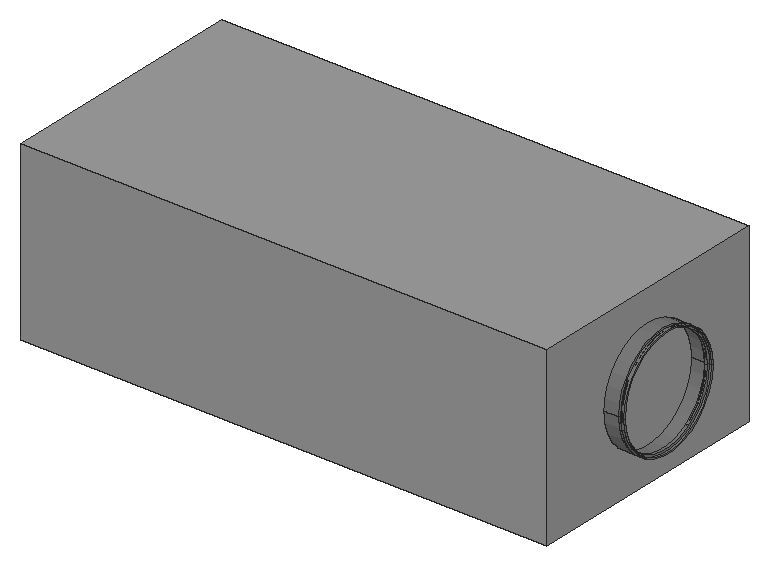
Revit family "BIMLIB_ПриточнаяУстановка_CAU-VIM-W2000-3000_SHUFT", category Оборудование, Revit 2017
Family settings
  Размер круглого соединителя = Использовать диаметр
  Тип детали = Нормальный
  На основе рабочей плоскости = Нет
  Всегда вертикально = Да
  При загрузке вырезать с полостями = Нет
  Общий = Нет
  Точка расчета площади = Нет
Parameters (values of type "CAU 3000/3-W VIM")
  Повернуть УГО [instance] = yes
  Описание = "Вентиляционные установки серии CAU-W VIM предназначены для работы в помещениях малых и средних объемов: офисах, магазинах, квартирах и т. п.\r\nУстановки изготавливаются в компактном звуко- и теплоизолированном корпусе из оцинкованной стали (толщина изоляции 40 или 50 мм).\r\nУстановки серии CAU-W VIM можно устанавливать непосредственно в обслуживаемом помещении за подвесным потолком"  # constant formula
  Общая длина = ADSK_Размер_Длина + 2 * (Длина коннекторов)  # 1620 mm
  Изготовитель = "ООО «Завод ВКО» марка SHUFT"  # constant formula
  Длина коннекторов = 60 mm
  Watermark [instance] = "Модели защищены уникальным кодом"
  H = 256 mm
  URL = "http://www.shuft.ru/"
  D = 315 mm
  BL_Разработано = "support@bimlib.pro"  # constant formula
  BL_Email = "bimmodels@rusklimat.ru"  # constant formula
  BL_BIM library = "https://bimlib.pro/manufacturer/company/23829"
  ADSK_Ток = 2.6 A
  ADSK_Расход воздуха приточный [instance] = 0.0 L/s
  ADSK_Размер_Ширина = 720 mm
  ADSK_Размер_Длина = 1500 mm
  ADSK_Размер_Высота = 500 mm
  ADSK_Примечание [instance] = ""
  ADSK_Полная мощность = ADSK_Номинальная мощность / ADSK_Коэффициент мощности  # 1500 VA
  ADSK_Позиция = ""
  ADSK_Обозначение = ""
  ADSK_Номинальная мощность = 1500 W
  ADSK_Напряжение = 400 V
  ADSK_Наименование = "Приточная вентиляционная установка CAU 3000/3-W VIM"
  ADSK_Материал = BIMLIB_Сталь_SHUFT
  ADSK_Масса_Текст = "98"
  ADSK_Масса = 98
  ADSK_Марка = ADSK_Код изделия  # "CAU 3000/3-W VIM"
  ADSK_Коэффициент мощности = 1
  ADSK_Количество фаз = 3
  ADSK_Код изделия = "CAU 3000/3-W VIM"
  ADSK_Классификация нагрузок = Прочее
  ADSK_Завод-изготовитель = Изготовитель  # "ООО «Завод ВКО» марка SHUFT"
  ADSK_Единица измерения = "шт."  # constant formula
  ADSK_Версия семейства = "v.1"  # constant formula
  ADSK_Версия Revit = "2017"  # constant formula
  ADSK_URL страницы изделия = "http://www.shuft.ru/catalog/2/205/3032/4047/"
  ADSK_URL документации изделия = "http://www.shuft.ru/upload/downloads/CAU_w_2000-3000-VIM.pdf"
Types (5, lengths in mm): name | Общая длина | H | D | ADSK_Ток | ADSK_Размер_Ширина | ADSK_Размер_Длина | ADSK_Размер_Высота | ADSK_Полная мощность | ADSK_Номинальная мощность | ADSK_Напряжение | ADSK_Наименование | ADSK_Масса_Текст | ADSK_Масса | ADSK_Марка | ADSK_Количество фаз | ADSK_Код изделия
  (no name) | 1620 | 256 | 315 | 2.6 A | 720 | 1500 | 500 | 1500 VA | 1500 W | 400 V | "Приточная вентиляционная установка CAU 3000/3-W VIM" | "98" | 98 | "CAU 3000/3-W VIM" | 3 | "CAU 3000/3-W VIM"
  CAU 2000/1-W VIM | 1520 | 198 | 250 | 3 A | 625 | 1400 | 400 | 690 VA | 690 W | 230 V | "Приточная вентиляционная установка CAU 2000/1-W VIM" | "75" | 75 | "CAU 2000/1-W VIM" | 1 | "CAU 2000/1-W VIM"
  CAU 2000/3-W VIM | 1520 | 198 | 250 | 1.9 A | 625 | 1400 | 400 | 930 VA | 930 W | 400 V | "Приточная вентиляционная установка CAU 2000/3-W VIM" | "75" | 75 | "CAU 2000/3-W VIM" | 3 | "CAU 2000/3-W VIM"
  CAU 3000/1-W VIM | 1620 | 256 | 315 | 5.1 A | 720 | 1500 | 500 | 1150 VA | 1150 W | 230 V | "Приточная вентиляционная установка CAU 3000/1-W VIM" | "98" | 98 | "CAU 3000/1-W VIM" | 1 | "CAU 3000/1-W VIM"
  CAU 3000/3-W VIM | 1620 | 256 | 315 | 2.6 A | 720 | 1500 | 500 | 1500 VA | 1500 W | 400 V | "Приточная вентиляционная установка CAU 3000/3-W VIM" | "98" | 98 | "CAU 3000/3-W VIM" | 3 | "CAU 3000/3-W VIM"
Reference planes
  plane 1 "По центру (Вперед/Назад)": y = 0
  plane 2: z = 0
  plane 3 "По центру (Влево/Вправо)": x = 0
  plane 4: x = 815
  plane 5: x = -815
  plane 6 "Перед": y = -360
  plane 7 "Зад": y = 360
  plane 8: z = 500
  plane 9 "Лево корпус": x = -750
  plane 10 "Право корпус": x = 750
  plane 11 "коннекторы": z = 256
  plane 12: z = 475
Forms (mm)
  Extrusion 1, solid, material "BIMLIB_Сталь_SHUFT" <- "ADSK_Материал", detail levels medium+fine
    sketch origin (0, 0, 0) x (1, 0, 0) y (0, 1, 0)
      loop
        line (-750, 360) -> (-750, -360) -> (750, -360) -> (750, 360) -> (-750, 360)
    from 0 to 500 <- "ADSK_Размер_Высота"
Lines and regions (mm)
  model lines, detail levels fine
    curve 1: line (-750, 360, 475) -> (750, 360, 475)
    curve 2: line (-750, -360, 475) -> (750, -360, 475)
    curve 3: line (-750, -360, 475) -> (-750, 360, 475)
    curve 4: line (750, -360, 475) -> (750, 360, 475)
Dimensions and locks
  equal spacing: plane 6 "Перед", plane 1 "По центру (Вперед/Назад)", plane 7 "Зад"
  equal spacing: plane 5, plane 3 "По центру (Влево/Вправо)", plane 4
  "ADSK_Размер_Высота": plane 8 to level
  "ADSK_Размер_Ширина": plane 6 "Перед" to plane 7 "Зад"
  locked: plane 5 to plane 9 "Лево корпус" at 65
  locked: plane 10 "Право корпус" to plane 4 at 65
  "H": plane 11 "коннекторы" to level
  locked: plane 8 to plane 12 at 25
  "ADSK_Размер_Длина": plane 9 "Лево корпус" to plane 10 "Право корпус"
  aligned and locked: level to plane 2
  aligned and locked: Extrusion 1 sketch curve to plane 9 "Лево корпус"
  aligned and locked: Extrusion 1 sketch curve to plane 7 "Зад"
  aligned and locked: Extrusion 1 sketch curve to plane 10 "Право корпус"
  aligned and locked: Extrusion 1 sketch curve to plane 6 "Перед"
  aligned and locked: plane 1 "По центру (Вперед/Назад)" to nested 1
  aligned and locked: plane 3 "По центру (Влево/Вправо)" to nested 1
  aligned and locked: nested 3 to plane 1 "По центру (Вперед/Назад)"
  aligned and locked: plane 1 "По центру (Вперед/Назад)" to nested 2
  aligned and locked: plane 9 "Лево корпус" to nested 3
  aligned and locked: plane 10 "Право корпус" to nested 2
Automatic sketch dimensions
  curve 1 to plane 9 "Лево корпус" = 0 mm
  plane 10 "Право корпус" to curve 1 = 0 mm
  curve 1 to plane 12 = 0 mm
  plane 10 "Право корпус" to curve 2 = 0 mm
  curve 2 to plane 9 "Лево корпус" = 0 mm
  curve 2 to plane 12 = 0 mm
  curve 3 to plane 6 "Перед" = 0 mm
  curve 3 to plane 7 "Зад" = 0 mm
  curve 3 to plane 12 = 0 mm
  curve 4 to plane 6 "Перед" = 0 mm
  curve 4 to plane 7 "Зад" = 0 mm
  curve 4 to plane 12 = 0 mm
Nested families
  nested 1: "BIMLIB_УГО_SHUFT" at (0, 0, 0), Высота УГО 3д План <- "H", Высота <- "ADSK_Размер_Высота", Длина <- "Общая длина", Ширина <- "ADSK_Размер_Ширина", УГО сверху <- "Повернуть УГО", type "BIMLIB_УГО_SHUFT", detail levels coarse
    with Ширина/4 180 mm, Ширина 720 mm, УГО спереди no, УГО сверху yes, Длина 1620 mm, Высота/4 125 mm, Высота УГО 3д План 256 mm, Высота 500 mm
  nested 2: "BIMLIB_Подключение_Круглое_SHUFT" at (750, 0, 256), D <- "D", L <- "Длина коннекторов", type "BIMLIB_Подключение_Круглое_SHUFT"
    with Материал BIMLIB_Сталь_Патрубки_SHUFT, L 60 mm, D 315 mm
  nested 3: "BIMLIB_Подключение_Круглое_SHUFT" at (-750, 0, 256) x (-1, 0, 0) z (0, 0, 1), D <- "D", L <- "Длина коннекторов", type "BIMLIB_Подключение_Круглое_SHUFT"
    with Материал BIMLIB_Сталь_Патрубки_SHUFT, L 60 mm, D 315 mm
Connectors
  electrical at (0, 0, 500), driven by "ADSK_Количество фаз", driven by "ADSK_Классификация нагрузок", driven by "ADSK_Напряжение", driven by "ADSK_Полная мощность", driven by "ADSK_Коэффициент мощности"
    settings: on Extrusion 1, index 3, voltage 400 V, apparent load 1500 VA, apparent load phase1 0 VA, apparent load phase2 0 VA, apparent load phase3 0 VA, power factor 1, load classification "Прочее", number of poles 3, system type 30, power factor state 1, is connector primary yes, connector utility no, sub classification motor no, connector description "Электрический соединитель"
  hvac at (-810, 0, 256), driven by "D", driven by "ADSK_Расход воздуха приточный"
    settings: on nested 3, index 7, duct flow 0.0 L/s, flow factor 0, pres drop 0.0 Pa, loss coef 0, conn angle 0.00°, conn width 304.8 mm, conn height 304.8 mm, conn diameter 315 mm, duct sys type 1, conn prof type 0, flow config 0, flow direction 1, loss method 0, conn ref index 8, conn util no, is conn primary yes, conn desc "Наружный воздух"
  hvac at (810, 0, 256), driven by "D", driven by "ADSK_Расход воздуха приточный"
    settings: on nested 2, index 8, duct flow 0.0 L/s, flow factor 0, pres drop 0.0 Pa, loss coef 0, conn angle 0.00°, conn width 304.8 mm, conn height 304.8 mm, conn diameter 315 mm, duct sys type 1, conn prof type 0, flow config 0, flow direction 2, loss method 0, conn ref index 7, conn util no, is conn primary no, conn desc "Приточный воздух"
Definition of nested family "BIMLIB_Подключение_Круглое_SHUFT"
  Parameters (values of type "BIMLIB_Подключение_Круглое_SHUFT")
    Default Elevation = 1219.2 mm
    Материал [instance] = none
    L [instance] = 30 mm
    D [instance] = 300 mm
  Reference planes
    plane 1 "По центру (Вперед/Назад)": y = 0
    plane 2: z = 0
    plane 3 "По центру (Влево/Вправо)": x = 0
    plane 4: y = 150
    plane 5: y = -150
    plane 6: x = 30
  Forms (mm)
    Revolve 1, solid, material <- "Материал", detail levels medium+fine
      sketch origin (0, 0, 0) x (1, 0, 0) y (0, 1, 0)
        loop
          line (30, 148) -> (30, 150) -> (20, 150) -> (20, 145) -> (15, 145) -> (15, 150) -> (0, 150) -> (0, 148) -> (13, 148) -> (13, 143) -> (22, 143) -> (22, 148) -> (30, 148)
        axis (30, 0) -> (0, 0)
      angle from 0 to 360
  Dimensions and locks
    equal spacing: plane 4, plane 1 "По центру (Вперед/Назад)", plane 5
    "D": plane 4 to plane 5
    "L": plane 3 "По центру (Влево/Вправо)" to plane 6
    aligned and locked: level to plane 2
    aligned and locked: Revolve 1 sketch curve to plane 1 "По центру (Вперед/Назад)"
    aligned and locked: plane 6 to Revolve 1 sketch curve
    aligned and locked: plane 4 to Revolve 1 sketch curve  (x2)
    aligned and locked: Revolve 1 sketch curve to plane 3 "По центру (Влево/Вправо)"
  Automatic sketch dimensions
    Revolve 1 sketch curve to Revolve 1 sketch curve = 2 mm  (x5)
    Revolve 1 sketch curve to Revolve 1 sketch curve = 5 mm
    Revolve 1 sketch curve to Revolve 1 sketch curve = 8 mm
    Revolve 1 sketch curve to Revolve 1 sketch curve = 3 mm
    Revolve 1 sketch curve to plane 3 "По центру (Влево/Вправо)" = 2000 mm
    plane 6 to Revolve 1 sketch curve = 1535.044 mm
Definition of nested family "BIMLIB_УГО_SHUFT"
  Parameters (values of type "BIMLIB_УГО_SHUFT")
    Ширина/4 [instance] = Ширина / 4  # 105 mm
    Ширина [instance] = 420 mm
    УГО спереди [instance] = not(УГО сверху)  # no
    УГО сверху [instance] = yes
    Высота/4 [instance] = Высота / 4  # 63 mm
    Длина [instance] = 810 mm
    Высота УГО 3д План [instance] = 126 mm
    Высота [instance] = 252 mm
  Reference planes
    plane 1 "По центру (Вперед/Назад)": y = 0
    plane 2: z = 0
    plane 3 "По центру (Влево/Вправо)": x = 0
    plane 4: x = -405
    plane 5: x = 405
    plane 6: y = 210
    plane 7: y = -210
    plane 8: z = 126
    plane 9 "УГО 3Д": z = 252
    plane 10: x = -270
    plane 11: x = -135
    plane 12: z = 189
    plane 13: z = 63
    plane 14: x = 63
    plane 15: x = 105
    plane 16: y = 105
    plane 17: y = -105
    plane 18 "УГО": z = 126
  Lines and regions (mm)
    model lines, visible <- "УГО спереди", detail levels coarse
      curve 1: line (-405, 0, 252) -> (-405, 0, 0)
      curve 2: line (-405, 0, 0) -> (405, 0, 0)
      curve 3: line (405, 0, 0) -> (405, 0, 252)
      curve 4: line (405, 0, 252) -> (-405, 0, 252)
      curve 5: line (-270, 0, 252) -> (-270, 0, 0)
      curve 6: line (-135, 0, 252) -> (-135, 0, 0)
      curve 7: line (0, 0, 189) -> (0, 0, 63)
      curve 8: line (0, 0, 63) -> (63, 0, 126)
      curve 9: line (63, 0, 126) -> (0, 0, 189)
    model lines, visible <- "УГО сверху", detail levels coarse
      curve 10: line (-405, 210, 126) -> (-405, -210, 126)
      curve 11: line (-405, -210, 126) -> (405, -210, 126)
      curve 12: line (405, -210, 126) -> (405, 210, 126)
      curve 13: line (405, 210, 126) -> (-405, 210, 126)
      curve 14: line (-270, 210, 126) -> (-270, -210, 126)
      curve 15: line (-135, 210, 126) -> (-135, -210, 126)
      curve 16: line (0, 105, 126) -> (105, 0, 126)
      curve 17: line (105, 0, 126) -> (0, -105, 126)
      curve 18: line (0, -105, 126) -> (0, 105, 126)
    symbolic lines, detail levels coarse
      curve 19: line (-405, 0, 252) -> (-405, 0, 0)
      curve 20: line (-405, 0, 0) -> (405, 0, 0)
      curve 21: line (405, 0, 0) -> (405, 0, 252)
      curve 22: line (405, 0, 252) -> (-405, 0, 252)
      curve 23: line (-270, 0, 252) -> (-270, 0, 0)
      curve 24: line (-135, 0, 0) -> (-135, 0, 252)
      curve 25: line (0, 0, 189) -> (63, 0, 126)
      curve 26: line (63, 0, 126) -> (0, 0, 63)
      curve 27: line (0, 0, 63) -> (0, 0, 189)
      curve 28: line (-405, 210, 0) -> (-405, -210, 0)
      curve 29: line (-405, -210, 0) -> (405, -210, 0)
      curve 30: line (405, -210, 0) -> (405, 210, 0)
      curve 31: line (405, 210, 0) -> (-405, 210, 0)
      curve 32: line (-270, 210, 0) -> (-270, -210, 0)
      curve 33: line (-135, -210, 0) -> (-135, 210, 0)
      curve 34: line (0, 105, 0) -> (105, 0, 0)
      curve 35: line (105, 0, 0) -> (0, -105, 0)
      curve 36: line (0, -105, 0) -> (0, 105, 0)
  Dimensions and locks
    equal spacing: plane 4, plane 3 "По центру (Влево/Вправо)", plane 5
    "Длина": plane 4 to plane 5
    "Ширина": plane 7 to plane 6
    equal spacing: plane 4, plane 10, plane 11, plane 3 "По центру (Влево/Вправо)"
    "Высота": plane 9 "УГО 3Д" to level
    equal spacing: plane 9 "УГО 3Д", plane 12, plane 8, plane 13, level
    "Высота/4": plane 14 to plane 3 "По центру (Влево/Вправо)"
    equal spacing: plane 6, plane 16, plane 1 "По центру (Вперед/Назад)", plane 17, plane 7
    "Ширина/4": plane 15 to plane 3 "По центру (Влево/Вправо)"
    "Ширина/4": plane 3 "По центру (Влево/Вправо)" to plane 15
    "Высота УГО 3д План": plane 18 "УГО" to level
    aligned and locked: level to plane 2
  Automatic sketch dimensions
    curve 12 to plane 5 = 0 mm
    plane 1 "По центру (Вперед/Назад)" to curve 16 = 0 mm
    curve 16 to plane 15 = 0 mm
    curve 18 to plane 3 "По центру (Влево/Вправо)" = 0 mm
    curve 15 to plane 11 = 0 mm
    curve 14 to plane 10 = 0 mm
    curve 11 to plane 4 = 0 mm
    curve 13 to plane 6 = 0 mm
    curve 18 to plane 16 = 0 mm
    plane 7 to curve 12 = 0 mm
    curve 1 to plane 4 = 0 mm
    curve 5 to plane 9 "УГО 3Д" = 0 mm
    curve 5 to plane 10 = 0 mm
    curve 23 to level = 0 mm
    curve 23 to plane 10 = 0 mm
    curve 6 to plane 11 = 0 mm
    curve 24 to plane 11 = 0 mm
    curve 9 to plane 3 "По центру (Влево/Вправо)" = 0 mm
    curve 8 to plane 8 = 0 mm
    curve 8 to plane 14 = 0 mm
    curve 20 to plane 5 = 0 mm
    curve 27 to plane 12 = 0 mm
    curve 28 to plane 4 = 0 mm
    curve 32 to plane 6 = 0 mm
    curve 32 to plane 10 = 0 mm
    plane 7 to curve 33 = 0 mm
    curve 33 to plane 11 = 0 mm
    curve 34 to plane 3 "По центру (Влево/Вправо)" = 0 mm
    plane 1 "По центру (Вперед/Назад)" to curve 34 = 0 mm
    curve 30 to plane 5 = 0 mm
    curve 36 to plane 17 = 0 mm
    curve 36 to plane 16 = 0 mm
